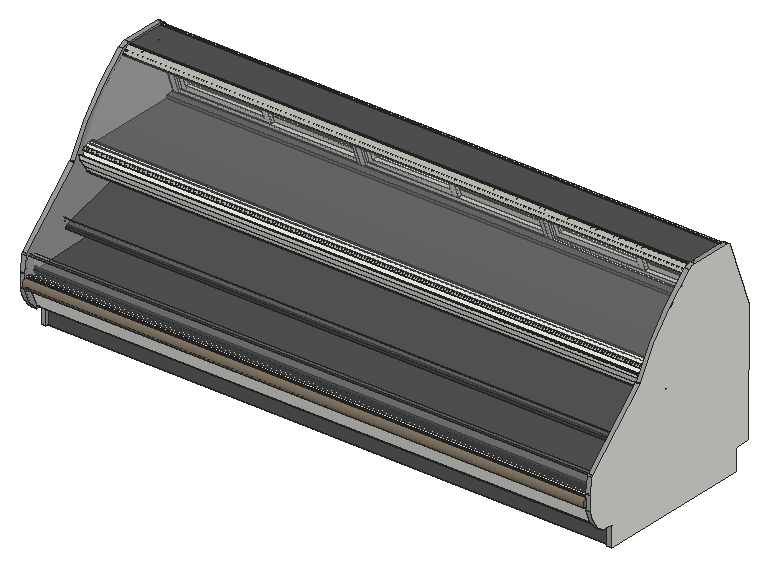
Revit family "CR3-D_2014", category Specialty Equipment, Revit 2014
Parameters (values of type "12'-0" Length")
  Width = 144"
  Waste Drain = 1 1/2"  # constant formula
  Upper Drain = if(Width = 48", 32", if(Width = 60", 44", if(Width = 72", 44", if(Width = 96", 56", if(Width = 120", 56", if(Width = 144", 77", 0"))))))  # 77"
  URL = "www.hussmann.com"
  Type Comments = "Chino"  # constant formula
  Trim = Stainless Steel
  Total Weight = Case Weight + (2 * End Weight)  # 0.00 lbf
  Splashguard = Textured Sheet Metal (Steel Painted) - 701 Black
  Side Panel - Right [instance] = yes
  Side Panel - Left [instance] = yes
  Shelves = Sheet Metal (Steel Painted) - 701 Black
  Revit Family Date = "04/22/2016"  # constant formula
  Refrigeration Lines Suction = 5/8"  # constant formula
  Refrigeration Lines Liquid = 3/8"  # constant formula
  Refrig. Suction = "Suction"
  Refrig. Liquid = "Liquid"
  Number of Supports = if(Width < 70", 2, if(Width < 140", 3, 4))  # 4
  Note from Manufacturer = "This model only comes in 4'-0\", 5'-0\", 6'-0\", 8'-0\", 10'-0\" and 12'-0\" lengths."
  Model URL = "http://www.hussmann.com/en/product%20viewer/display-cases/R3D,%20CR3D"
  Model = "CR3-D"  # constant formula
  Manufacturer Disclaimer = "The information in this file is not intended to be an exact representation of the corresponding Hussmann product.  Further, we reserve the right to change or revise specifications and product design in connection with any feature of our products. Such changes do not entitle the buyer to corresponding changes, improvements, additions, or replacements for equipment previously sold or shipped."  # constant formula
  Manufacturer = "Hussmann Corporation"  # constant formula
  Lower Drain = if(Width = 48", 7", if(Width = 60", 41", if(Width = 72", 41", if(Width = 96", 53", if(Width = 120", 53", if(Width = 144", 65", 0"))))))  # 65"
  Height = 53 1/4"  # constant formula
  Glazing = Glass
  Ends = Textured Sheet Metal (Steel Painted) - 149 White Satin Matte
  End Weight = 0.00 lbf  # constant formula
  Door Frame = Plastic - 144 Mist Gray
  Description = "Refrigerated Service and Self-Service Deli Merchandiser with Rear Storage - Curved Glass"  # constant formula
  Depth = 51 3/8"  # constant formula
  Cutsheet URL = "http://www.hussmann.com/en/Technical%20Documents/R3-D,%20CR3-D_ds_En.pdf"
  Case Weight = if(Width = 48", 0.00 lbf, if(Width = 60", 0.00 lbf, if(Width = 72", 0.00 lbf, if(Width = 96", 0.00 lbf, if(Width = 120", 0.00 lbf, if(Width = 144", 0.00 lbf, 0.00 lbf))))))  # 0.00 lbf
  Case Interior - Side Panel = Stainless Steel
  Case Interior - Back Panel = Stainless Steel
  Case = Textured Sheet Metal (Steel Painted) - 149 White Satin Matte
  Bumper = Extruded PVC - 747 Chocolate Brown
  Assembly Code = ""
  Accessories/Options = ""
  8 Case = Width = 96"  # no
  6 Case = Width = 72"  # no
  5 Case = Width = 60"  # no
  4 Case = Width = 48"  # no
  12 Case = Width = 144"  # yes
  10 Case = Width = 120"  # no
Reference planes (in)
  plane 1 "Back": y = 0
  plane 2 "Bottom": z = 0
  plane 3 "Top": z = 53.25
  plane 4 "Left": x = -77.30699
  plane 5 "Front": y = -51.375
  plane 6 "Center (Left/Right)": x = -5.30699
  plane 7: x = -78.43199
  plane 8 "Right": x = 66.69301
  plane 9: x = 67.81801
Forms (in)
  Extrusion 1, solid, material "Metal - Copper"
    sketch origin (63.0625, 1.04319, 0) x (1, 0, 0) y (0, 1, 0)
      loop
        arc (-76.49449, -39.16819) -> (-77.02482, -39.38786) -> (-77.24449, -39.91819) r 0.75
        arc (-77.24449, -39.91819) -> (-77.02482, -40.44852) -> (-76.49449, -40.66819) r 0.75
        arc (-76.49449, -40.66819) -> (-75.96416, -40.44852) -> (-75.74449, -39.91819) r 0.75
        arc (-75.74449, -39.91819) -> (-75.96416, -39.38786) -> (-76.49449, -39.16819) r 0.75
      loop
        circle (-76.49449, -39.91819) r 0.7102
    from 5.98508 to 0
  Extrusion 2, solid, material "Metal - Copper"
    sketch origin (57.40105, 5, -0.375) x (1, 0, 0) y (0, 1, 0)
      loop
        circle (2.97946, -42.125) r 0.28859
      loop
        circle (2.97946, -42.125) r 0.3125
    from 6.36008 to 0.375
  Extrusion 3, solid, material "Metal - Copper"
    sketch origin (59.82608, 5, -0.375) x (1, 0, 0) y (0, 1, 0)
      loop
        circle (1.05443, -42.125) r 0.17188
      loop
        circle (1.05443, -42.125) r 0.1875
    from 6.36008 to 0.375
  Extrusion 4, solid, material "Textured Sheet Metal (Steel Painted) - 149 White Satin Matte" <- "Case"
    sketch origin (-5.30699, 0, 0) x (0, 1, 0) y (0, 0, 1)
      loop
        line (-33.36568, 34.61012) -> (-33.04856, 33.47902) -> (-31.7032, 31.45909) -> (-31.64948, 31.49094) -> (-30.7947, 30.01115) -> (-30.8313, 29.99002) -> (-30.69968, 29.76205)
        arc (-30.69968, 29.76205) -> (-30.66021, 29.73177) -> (-30.61089, 29.73826) r 0.065
        line (-30.61089, 29.73826) -> (-29.77517, 30.22076)
        arc (-29.77517, 30.22076) -> (-29.74489, 30.26023) -> (-29.75138, 30.30955) r 0.065
        line (-29.75138, 30.30955) -> (-29.85311, 30.48575)
        arc (-29.85311, 30.48575) -> (-29.85611, 30.50851) -> (-29.84213, 30.52673) r 0.03
        line (-29.84213, 30.52673) -> (-29.62575, 30.65165) -> (-28.74969, 30.65165) -> (-27.92081, 30.17255) -> (-25.08971, 27.77832)
        arc (-25.08971, 27.77832) -> (-25.07009, 27.76692) -> (-25.04774, 27.76295) r 0.065
        line (-25.04774, 27.76295) -> (-22.46115, 27.76295) -> (-21.49557, 26.79737) -> (-21.49557, 24.19301) -> (-21.62938, 23.48803)
        arc (-21.62938, 23.48803) -> (-21.57491, 23.41154) -> (-21.50086, 23.46931) r 0.065
        line (-21.50086, 23.46931) -> (-21.46057, 23.8667) -> (-21.46057, 24.58807) -> (-21.33057, 24.58807) -> (-21.33057, 28.20482) -> (-18.84907, 28.20482) -> (-18.84907, 11.22133) -> (-19.81272, 11.22133) -> (-19.81272, 10.98732) -> (-18.87522, 10.98732) -> (-18.87522, 8.47125) -> (-19.73888, 7.60758) -> (-46.47046, 7.60758) -> (-46.47046, 12.7762) -> (-45.42822, 12.7762) -> (-45.42822, 12.67958) -> (-45.49855, 12.4171) -> (-45.43818, 12.40092) -> (-45.36572, 12.67135) -> (-45.36572, 12.89308) -> (-45.30761, 12.89308) -> (-45.30761, 13.23808)
        arc (-45.30761, 13.23808) -> (-45.33455, 13.30313) -> (-45.39961, 13.33008) r 0.092
        line (-45.39961, 13.33008) -> (-45.74461, 13.33008) -> (-45.74461, 13.92649)
        arc (-45.74461, 13.92649) -> (-45.77155, 13.99154) -> (-45.83661, 14.01849) r 0.092
        line (-45.83661, 14.01849) -> (-46.77861, 14.01849)
        arc (-46.77861, 14.01849) -> (-46.84366, 13.99154) -> (-46.87061, 13.92649) r 0.092
        line (-46.87061, 13.92649) -> (-46.87061, 13.33008) -> (-47.30761, 13.33008) -> (-47.30761, 13.26808) -> (-48.6086, 13.26808) -> (-48.92961, 13.58908) -> (-48.92961, 13.96008) -> (-48.99211, 13.96008) -> (-48.99211, 13.11258) -> (-49.47954, 13.11258) -> (-49.47954, 14.20466)
        arc (-49.47954, 14.20466) -> (-49.50663, 14.27007) -> (-49.57204, 14.29716) r 0.0925
        line (-49.57204, 14.29716) -> (-50.2838, 14.29716)
        arc (-50.2838, 14.29716) -> (-50.34921, 14.27007) -> (-50.3763, 14.20466) r 0.0925
        line (-50.3763, 14.20466) -> (-50.3763, 11.58133)
        arc (-50.3763, 11.58133) -> (-50.34921, 11.51592) -> (-50.2838, 11.48883) r 0.0925
        line (-50.2838, 11.48883) -> (-49.32381, 11.48883) -> (-46.66679, 5.77636)
        arc (-46.66679, 5.77636) -> (-46.60508, 5.73883) -> (-46.54679, 5.78148) r 0.065
        line (-46.54679, 5.78148) -> (-46.47246, 5.98508) -> (-3.85387, 5.98508) -> (-3.85387, 5.91108) -> (-3.07295, 5.91108)
        arc (-3.07295, 5.91108) -> (-3.03315, 5.91899) -> (-2.99941, 5.94154) r 0.104
        line (-2.99941, 5.94154) -> (-2.31033, 6.63062)
        arc (-2.31033, 6.63062) -> (-2.28779, 6.66436) -> (-2.27987, 6.70416) r 0.104
        line (-2.27987, 6.70416) -> (-2.27987, 7.41108) -> (-0.92787, 7.41108) -> (-0.92787, 6.49062) -> (-1.0286, 5.91937)
        arc (-1.0286, 5.91937) -> (-1.01438, 5.8663) -> (-0.96459, 5.84308) r 0.065
        line (-0.96459, 5.84308) -> (-0.33657, 5.84308)
        arc (-0.33657, 5.84308) -> (-0.29061, 5.86212) -> (-0.27157, 5.90808) r 0.065
        line (-0.27157, 5.90808) -> (-0.27157, 7.54708) -> (-18.65057, 7.54708) -> (-18.65057, 28.41908) -> (-0.20665, 28.41908) -> (-0.20665, 35.15451) -> (-0.27598, 35.41322) -> (-0.062, 35.41322) -> (-0.062, 35.28806) -> (-0.08379, 35.03772) -> (-0.02202, 35.03232) -> (0, 35.28405) -> (0, 35.91542)
        arc (0, 35.91542) -> (-0.0014, 35.9314) -> (-0.00555, 35.94689) r 0.092
        line (-0.00555, 35.94689) -> (-0.11802, 36.2559)
        arc (-0.11802, 36.2559) -> (-0.16559, 36.30782) -> (-0.23594, 36.31089) r 0.092
        line (-0.23594, 36.31089) -> (-2.27433, 35.56897) -> (-4.51597, 35.56897)
        arc (-4.51597, 35.56897) -> (-4.57511, 35.54745) -> (-4.60657, 35.49295) r 0.092
        line (-4.60657, 35.49295) -> (-4.70058, 34.95983) -> (-4.63952, 34.94906) -> (-4.54551, 35.48218)
        arc (-4.54551, 35.48218) -> (-4.53525, 35.49995) -> (-4.51597, 35.50697) r 0.03
        line (-4.51597, 35.50697) -> (-2.98133, 35.50697) -> (-2.94721, 35.41322) -> (-3.2434, 35.41322)
        arc (-3.2434, 35.41322) -> (-3.31694, 35.38276) -> (-3.3474, 35.30922) r 0.104
        line (-3.3474, 35.30922) -> (-3.3474, 34.77931) -> (-26.31188, 34.77931)
        arc (-26.31188, 34.77931) -> (-26.33441, 34.85188) -> (-26.40369, 34.88308) r 0.0925
        line (-26.40369, 34.88308) -> (-29.81917, 34.88308) -> (-29.81917, 35.15653) -> (-29.81917, 36.32406)
        arc (-29.81917, 36.32406) -> (-29.8382, 36.37002) -> (-29.88417, 36.38906) r 0.065
        line (-29.88417, 36.38906) -> (-30.59463, 36.38906)
        arc (-30.59463, 36.38906) -> (-30.62338, 36.38236) -> (-30.6462, 36.36363) r 0.065
        line (-30.6462, 36.36363) -> (-31.5477, 35.18877) -> (-31.50775, 35.15812) -> (-32.26162, 34.17566)
        arc (-32.26162, 34.17566) -> (-32.27842, 34.16475) -> (-32.29834, 34.16684) r 0.03
        line (-32.29834, 34.16684) -> (-33.08729, 34.5431) -> (-33.06355, 34.60387) -> (-33.27944, 34.68821)
        arc (-33.27944, 34.68821) -> (-33.34673, 34.67585) -> (-33.36568, 34.61012) r 0.065
      loop
        line (-7.7013, 52.90428) -> (-17.15757, 52.90428) -> (-17.15757, 50.81867) -> (-15.27268, 50.81867)
        arc (-15.27268, 50.81867) -> (-15.31864, 50.79963) -> (-15.33768, 50.75367) r 0.065
        line (-15.33768, 50.75367) -> (-15.33768, 49.56367)
        arc (-15.33768, 49.56367) -> (-15.31864, 49.51771) -> (-15.27268, 49.49867) r 0.065
        line (-15.27268, 49.49867) -> (-14.92768, 49.49867) -> (-14.92768, 49.53609)
        arc (-14.92768, 49.53609) -> (-14.89911, 49.53742) -> (-14.88107, 49.55961) r 0.035
        line (-14.88107, 49.55961) -> (-14.67768, 50.31867) -> (-13.55268, 50.31867) -> (-13.34925, 49.55947)
        arc (-13.34925, 49.55947) -> (-13.33673, 49.54086) -> (-13.31548, 49.53367) r 0.035
        line (-13.31548, 49.53367) -> (-12.94048, 49.53367) -> (-12.94048, 49.57098)
        arc (-12.94048, 49.57098) -> (-12.90599, 49.59425) -> (-12.89268, 49.63367) r 0.065
        line (-12.89268, 49.63367) -> (-12.89268, 50.75367)
        arc (-12.89268, 50.75367) -> (-12.91172, 50.79963) -> (-12.95768, 50.81867) r 0.065
        line (-12.95768, 50.81867) -> (-8.18319, 50.81867) -> (-8.3657, 50.31723)
        arc (-8.3657, 50.31723) -> (-8.3631, 50.25759) -> (-8.31908, 50.21726) r 0.078
        line (-8.31908, 50.21726) -> (-7.21684, 49.81607)
        arc (-7.21684, 49.81607) -> (-7.19016, 49.81137) -> (-7.16349, 49.81607) r 0.078
        line (-7.16349, 49.81607) -> (-5.87825, 50.28386)
        arc (-5.87825, 50.28386) -> (-5.83424, 50.32419) -> (-5.83163, 50.38383) r 0.078
        arc (-5.83163, 50.38383) -> (-5.78406, 50.33192) -> (-5.71372, 50.32885) r 0.092
        line (-5.71372, 50.32885) -> (-5.41208, 50.43863)
        arc (-5.41208, 50.43863) -> (-5.36016, 50.4862) -> (-5.35709, 50.55655) r 0.092
        line (-5.35709, 50.55655) -> (-6.30348, 53.15672)
        arc (-6.30348, 53.15672) -> (-6.41404, 53.30081) -> (-6.58726, 53.35543) r 0.302
        line (-6.58726, 53.35543) -> (-7.1713, 53.35543)
        arc (-7.1713, 53.35543) -> (-7.23635, 53.32848) -> (-7.2633, 53.26343) r 0.092
        line (-7.2633, 53.26343) -> (-7.2633, 52.98303) -> (-7.6233, 52.98303)
        arc (-7.6233, 52.98303) -> (-7.67872, 52.95992) -> (-7.7013, 52.90428) r 0.078
    from 72 to -72
  Extrusion 5, solid, material "Sheet Metal (Steel Painted) - 701 Black" <- "Shelves"
    sketch origin (-5.30699, 0, 0) x (0, 1, 0) y (0, 0, 1)
      loop
        line (-47.61712, 14.45678) -> (-47.60219, 13.99202) -> (-20.77257, 14.85426) -> (-20.77257, 24.58807) -> (-21.46057, 24.58807) -> (-21.46057, 15.3324) -> (-47.61825, 14.49176)
        arc (-47.61825, 14.49176) -> (-47.63973, 14.49986) -> (-47.6492, 14.52078) r 0.03
        line (-47.6492, 14.52078) -> (-47.68035, 15.49028)
        arc (-47.68035, 15.49028) -> (-47.75306, 15.55273) -> (-47.80894, 15.47486) r 0.065
        line (-47.80894, 15.47486) -> (-47.73857, 15.13915) -> (-47.70432, 15.14633) -> (-47.68418, 14.51966)
        arc (-47.68418, 14.51966) -> (-47.66367, 14.47433) -> (-47.61712, 14.45678) r 0.065
    from 72 to -72
  Extrusion 6, solid, material "Sheet Metal (Steel Painted) - 701 Black" <- "Shelves"
    sketch origin (-5.30699, 0, 0) x (0, 1, 0) y (0, 0, 1)
      loop
        arc (-37.37591, 20.55304) -> (-37.41386, 20.52392) -> (-37.4201, 20.4765) r 0.0625
        line (-37.4201, 20.4765) -> (-37.20032, 19.65628) -> (-37.45375, 19.58853) -> (-37.62233, 20.31883) -> (-37.68275, 20.30488) -> (-37.51403, 19.5741)
        arc (-37.51403, 19.5741) -> (-37.48555, 19.53491) -> (-37.43757, 19.52816) r 0.062
        line (-37.43757, 19.52816) -> (-36.59239, 19.75463) -> (-36.60996, 19.82019)
        arc (-36.60996, 19.82019) -> (-36.5977, 19.83875) -> (-36.59726, 19.86099) r 0.04
        line (-36.59726, 19.86099) -> (-36.77098, 20.52878) -> (-35.92628, 20.75209) -> (-35.88731, 20.60665) -> (-35.804, 20.62897)
        arc (-35.804, 20.62897) -> (-35.77744, 20.62547) -> (-35.76113, 20.60422) r 0.035
        line (-35.76113, 20.60422) -> (-35.68092, 20.30489)
        arc (-35.68092, 20.30489) -> (-35.66826, 20.27965) -> (-35.64666, 20.26146) r 0.07
        line (-35.64666, 20.26146) -> (-35.12588, 19.97927)
        arc (-35.12588, 19.97927) -> (-35.04917, 19.98586) -> (-35.02491, 20.05893) r 0.07
        line (-35.02491, 20.05893) -> (-35.07702, 20.25341) -> (-21.79848, 23.74887)
        arc (-21.79848, 23.74887) -> (-21.76053, 23.77799) -> (-21.75428, 23.82542) r 0.0625
        line (-21.75428, 23.82542) -> (-21.9484, 24.54987)
        arc (-21.9484, 24.54987) -> (-21.97752, 24.58782) -> (-22.02494, 24.59406) r 0.0625
        line (-22.02494, 24.59406) -> (-37.37591, 20.55304)
    from 72 to -72
  Extrusion 7, solid, material "Glass" <- "Glazing"
    sketch origin (-5.30699, 0, 0) x (0, 1, 0) y (0, 0, 1)
      loop
        line (-38.15322, 22.24812) -> (-37.44146, 19.59182) -> (-37.19994, 19.65639) -> (-37.91173, 22.31283)
        arc (-37.91173, 22.31283) -> (-38.06483, 22.40122) -> (-38.15322, 22.24812) r 0.125
    from 72 to -72
  Extrusion 8, solid, material "Glass" <- "Glazing"
    sketch origin (-5.30699, 0, 0) x (0, 1, 0) y (0, 0, 1)
      loop
        line (-49.47954, 18.6907) -> (-49.47954, 13.11258) -> (-48.99211, 13.11258) -> (-48.99211, 18.61243)
        arc (-48.99211, 18.61243) -> (-49.20247, 18.85926) -> (-49.47954, 18.6907) r 0.25
    from 72 to -72
  Extrusion 9, solid, material "Extruded PVC - 747 Chocolate Brown" <- "Bumper"
    sketch origin (-5.30699, 0, 0) x (0, 1, 0) y (0, 0, 1)
      loop
        arc (-50.3763, 13.97878) -> (-51.3763, 12.72878) -> (-50.3763, 11.47878) r 1.28125
        line (-50.3763, 11.47878) -> (-50.3763, 13.97878)
    from 72 to -72
  Extrusion 10, solid, material "Sheet Metal (Steel Painted) - 701 Black" <- "Shelves"
    sketch origin (-5.30699, 0, 0) x (0, 1, 0) y (0, 0, 1)
      loop
        line (-7.38303, 53.29798) -> (-17.05429, 53.29798) -> (-17.09366, 53.25861) -> (-17.09366, 53.02831) -> (-16.98879, 52.90767) -> (-16.79783, 52.90767) -> (-16.73329, 52.98302) -> (-7.38303, 52.98302) -> (-7.34366, 53.02239) -> (-7.34366, 53.25861) -> (-7.38303, 53.29798)
    from 72 to -72
  Extrusion 11, solid, material "Plastic - 144 Mist Gray" <- "Door Frame"
    sketch origin (-5.30699, 0, 0) x (0, 1, 0) y (0, 0, 1)
      loop
        arc (-17.49697, 53.1507) -> (-18.54539, 52.68834) -> (-19.29571, 51.82233) r 2.61653
        arc (-19.29571, 51.82233) -> (-19.29445, 51.78042) -> (-19.25613, 51.76342) r 0.03937
        line (-19.25613, 51.76342) -> (-18.51624, 52.31424)
        arc (-18.51624, 52.31424) -> (-18.45713, 52.32888) -> (-18.40525, 52.29699) r 0.07874
        line (-18.40525, 52.29699) -> (-18.34364, 52.21115) -> (-18.47144, 52.20306) -> (-18.52318, 52.0834) -> (-18.46607, 52.00655)
        arc (-18.46607, 52.00655) -> (-18.45877, 51.97699) -> (-18.47474, 51.95106) r 0.03937
        line (-18.47474, 51.95106) -> (-19.08152, 51.51636)
        arc (-19.08152, 51.51636) -> (-19.10548, 51.47747) -> (-19.09453, 51.43313) r 0.05906
        line (-19.09453, 51.43313) -> (-19.0247, 51.33916)
        arc (-19.0247, 51.33916) -> (-19.01177, 51.33143) -> (-18.99716, 51.33511) r 0.01968
        line (-18.99716, 51.33511) -> (-18.85771, 51.43873) -> (-18.46135, 50.90539)
        arc (-18.46135, 50.90539) -> (-18.36955, 50.82255) -> (-18.25293, 50.78144) r 0.31496
        line (-18.25293, 50.78144) -> (-17.55726, 50.68243)
        arc (-17.55726, 50.68243) -> (-16.71595, 50.65724) -> (-15.88988, 50.81867) r 3.78388
        line (-15.88988, 50.81867) -> (-17.15757, 50.81867) -> (-17.15757, 52.90428) -> (-16.98584, 52.90428) -> (-17.05429, 52.98302) -> (-17.15757, 52.98302) -> (-17.15757, 53.25468)
        arc (-17.15757, 53.25468) -> (-17.16334, 53.2686) -> (-17.17726, 53.27436) r 0.01969
        line (-17.17726, 53.27436) -> (-17.25732, 53.27436)
        arc (-17.25732, 53.27436) -> (-17.42938, 53.04596) -> (-17.51513, 52.77317) r 0.84252
        line (-17.51513, 52.77317) -> (-17.59951, 52.73458)
        arc (-17.59951, 52.73458) -> (-17.55933, 52.93486) -> (-17.47617, 53.12143) r 0.9252
        arc (-17.47617, 53.12143) -> (-17.47711, 53.14278) -> (-17.49697, 53.1507) r 0.01969
      loop
        line (-31.87752, 36.07762) -> (-32.16562, 35.41886)
        arc (-32.16562, 35.41886) -> (-32.16655, 35.37142) -> (-32.13366, 35.33722) r 0.062
        line (-32.13366, 35.33722) -> (-31.90583, 35.23932)
        arc (-31.90583, 35.23932) -> (-31.85882, 35.23852) -> (-31.82477, 35.27094) r 0.062
        line (-31.82477, 35.27094) -> (-31.81081, 35.30212)
        arc (-31.81081, 35.30212) -> (-31.77657, 35.33462) -> (-31.72938, 35.33359) r 0.062
        line (-31.72938, 35.33359) -> (-31.66062, 35.30352)
        arc (-31.66062, 35.30352) -> (-31.60412, 35.35531) -> (-31.62151, 35.42996) r 0.07595
        line (-31.62151, 35.42996) -> (-31.59869, 35.48241) -> (-31.44325, 35.32489) -> (-31.31043, 35.49799) -> (-31.47165, 35.76115)
        arc (-31.47165, 35.76115) -> (-31.40993, 35.80155) -> (-31.41091, 35.87531) r 0.07661
        line (-31.41091, 35.87531) -> (-31.56422, 35.94129)
        arc (-31.56422, 35.94129) -> (-31.58311, 35.9432) -> (-31.59957, 35.93374) r 0.031
        arc (-31.59957, 35.93374) -> (-31.7414, 35.61455) -> (-31.88043, 35.29414) r 40
        line (-31.88043, 35.29414) -> (-32.10949, 35.39432)
        arc (-32.10949, 35.39432) -> (-31.96634, 35.72409) -> (-31.82025, 36.05257) r 40.25
        line (-31.82025, 36.05257) -> (-31.87752, 36.07762)
    from 72 to -72
  Extrusion 12, solid, material "Textured Sheet Metal (Steel Painted) - 701 Black" <- "Splashguard"
    sketch origin (-5.30699, 0, 0) x (0, 1, 0) y (0, 0, 1)
      loop
        arc (-43.33825, 5.48508) -> (-43.363, 5.47483) -> (-43.37325, 5.45008) r 0.035
        line (-43.37325, 5.45008) -> (-43.37325, 0.02008)
        arc (-43.37325, 0.02008) -> (-43.363, -0.00467) -> (-43.33825, -0.01492) r 0.035
        line (-43.33825, -0.01492) -> (-42.83825, -0.01492)
        arc (-42.83825, -0.01492) -> (-42.8135, -0.00467) -> (-42.80325, 0.02008) r 0.035
        line (-42.80325, 0.02008) -> (-42.80325, 0.39508) -> (-42.88512, 0.39508) -> (-42.88512, 5.07508) -> (-42.80325, 5.07508) -> (-42.80325, 5.45008)
        arc (-42.80325, 5.45008) -> (-42.8135, 5.47483) -> (-42.83825, 5.48508) r 0.035
        line (-42.83825, 5.48508) -> (-43.33825, 5.48508)
      loop
        line (-4.19387, 5.48508) -> (-4.19387, 0.45495) -> (-3.8561, 0.05241) -> (-3.47425, -0.01492) -> (-3.46817, 0.01955) -> (-3.83748, 0.08467) -> (-4.15887, 0.46769) -> (-4.15887, 5.48508) -> (-4.19387, 5.48508)
    from 72 to -72
  Extrusion 13, solid, material "Sheet Metal (Steel Painted) - 701 Black" <- "Shelves"
    sketch origin (-5.30699, 0, 0) x (0, 1, 0) y (0, 0, 1)
      loop
        line (-29.74078, 34.97147) -> (-29.74078, 34.93647) -> (-5.49078, 34.93647) -> (-5.49078, 35.53397)
        arc (-5.49078, 35.53397) -> (-5.46603, 35.54422) -> (-5.45578, 35.56897) r 0.035
        line (-5.45578, 35.56897) -> (-5.45578, 36.31897) -> (-3.33078, 36.31897) -> (-3.07054, 35.60397) -> (-3.57054, 35.60397) -> (-3.57054, 35.56897) -> (-3.07054, 35.56897)
        arc (-3.07054, 35.56897) -> (-3.04185, 35.58394) -> (-3.03769, 35.61603) r 0.035
        line (-3.03769, 35.61603) -> (-3.29789, 36.33094)
        arc (-3.29789, 36.33094) -> (-3.31071, 36.34764) -> (-3.33078, 36.35397) r 0.035
        line (-3.33078, 36.35397) -> (-5.45578, 36.35397)
        arc (-5.45578, 36.35397) -> (-5.48053, 36.34372) -> (-5.49078, 36.31897) r 0.035
        line (-5.49078, 36.31897) -> (-5.49078, 35.56897) -> (-29.30328, 35.56897) -> (-29.30328, 35.91762) -> (-29.26845, 35.91457) -> (-29.23379, 36.31071)
        arc (-29.23379, 36.31071) -> (-29.28354, 36.37007) -> (-29.33828, 36.31528) r 0.0525
        line (-29.33828, 36.31528) -> (-29.33828, 35.56897)
        arc (-29.33828, 35.56897) -> (-29.32803, 35.54422) -> (-29.30328, 35.53397) r 0.035
        line (-29.30328, 35.53397) -> (-29.74078, 34.97147)
    from 72 to -72
  Extrusion 14, solid, material "Glass" <- "Glazing"
    sketch origin (-5.30699, 0, 0) x (0, 1, 0) y (0, 0, 1)
      loop
        line (-18.51005, 51.97852) -> (-18.65626, 52.18131)
        arc (-18.65626, 52.18131) -> (-26.52546, 44.70291) -> (-32.10984, 35.39349) r 40.25
        line (-32.10984, 35.39349) -> (-31.88007, 35.29497)
        arc (-31.88007, 35.29497) -> (-26.33037, 44.54657) -> (-18.51005, 51.97852) r 40
    from 72 to -72
  Extrusion 15, solid, material "Metal - Copper"
    sketch origin (-56.6875, 24.04319, 0) x (1, 0, 0) y (0, 1, 0)
      loop
        arc (56.38051, -40.66819) -> (55.85018, -40.88786) -> (55.63051, -41.41819) r 0.75
        arc (55.63051, -41.41819) -> (55.85018, -41.94852) -> (56.38051, -42.16819) r 0.75
        arc (56.38051, -42.16819) -> (56.91084, -41.94852) -> (57.13051, -41.41819) r 0.75
        arc (57.13051, -41.41819) -> (56.91084, -40.88786) -> (56.38051, -40.66819) r 0.75
      loop
        circle (56.38051, -41.41819) r 0.7102
    from 5.98508 to 0
  Extrusion 16, solid, material "Glass" <- "Glazing"
    sketch origin (-5.30699, 0, 0) x (0, 1, 0) y (0, 0, 1)
      loop
        line (-47.77768, 18.51872) -> (-47.6492, 14.52078) -> (-47.39933, 14.52881) -> (-47.52781, 18.52675) -> (-47.77768, 18.51872)
    from 72 to -72
  Extrusion 17, solid, material "Stainless Steel" <- "Case Interior - Back Panel", visible <- "12 Case"
    sketch origin (-77.30699, 0, 0) x (0, 1, 0) y (0, 0, 1)
      loop
        line (-3.0039, 35.56897) -> (-2.27433, 35.56897) -> (-0.17956, 36.33141) -> (-5.4525, 50.81867) -> (-8.55461, 50.81867) -> (-3.0039, 35.56897)
    from 144 to 143.5
  Extrusion 18, solid, material "Stainless Steel" <- "Case Interior - Back Panel", visible <- "12 Case"
    sketch origin (-77.30699, 0, 0) x (0, 1, 0) y (0, 0, 1)
      loop
        line (-3.0039, 35.56897) -> (-2.27433, 35.56897) -> (-0.17956, 36.33141) -> (-5.4525, 50.81867) -> (-8.55461, 50.81867) -> (-3.0039, 35.56897)
    from 96.5 to 95.5
  Extrusion 19, solid, material "Stainless Steel" <- "Case Interior - Back Panel", visible <- "12 Case"
    sketch origin (-77.30699, 0, 0) x (0, 1, 0) y (0, 0, 1)
      loop
        line (-3.0039, 35.56897) -> (-2.27433, 35.56897) -> (-0.17956, 36.33141) -> (-5.4525, 50.81867) -> (-8.55461, 50.81867) -> (-3.0039, 35.56897)
    from 48.5 to 47.5
  Extrusion 20, solid, material "Stainless Steel" <- "Case Interior - Back Panel", visible <- "12 Case"
    sketch origin (-77.30699, 0, 0) x (0, 1, 0) y (0, 0, 1)
      loop
        line (-3.0039, 35.56897) -> (-2.27433, 35.56897) -> (-0.17956, 36.33141) -> (-5.4525, 50.81867) -> (-8.55461, 50.81867) -> (-3.0039, 35.56897)
    from 0.5 to 0
  Extrusion 21, solid, material "Stainless Steel" <- "Case Interior - Back Panel", visible <- "12 Case", not visible
    sketch origin (-77.30699, 0, 0) x (0, 1, 0) y (0, 0, 1)
      loop
        line (-3.0039, 35.56897) -> (-2.27433, 35.56897) -> (-0.17956, 36.33141) -> (-5.4525, 50.81867) -> (-8.55461, 50.81867) -> (-3.0039, 35.56897)
    from 144 to 143.5
  Extrusion 22, solid, material "Stainless Steel" <- "Case Interior - Back Panel", visible <- "12 Case", not visible
    sketch origin (-77.30699, 0, 0) x (0, 1, 0) y (0, 0, 1)
      loop
        line (-3.0039, 35.56897) -> (-2.27433, 35.56897) -> (-0.17956, 36.33141) -> (-5.4525, 50.81867) -> (-8.55461, 50.81867) -> (-3.0039, 35.56897)
    from 96.5 to 95.5
  Extrusion 23, solid, material "Stainless Steel" <- "Case Interior - Back Panel", visible <- "12 Case", not visible
    sketch origin (-77.30699, 0, 0) x (0, 1, 0) y (0, 0, 1)
      loop
        line (-3.0039, 35.56897) -> (-2.27433, 35.56897) -> (-0.17956, 36.33141) -> (-5.4525, 50.81867) -> (-8.55461, 50.81867) -> (-3.0039, 35.56897)
    from 48.5 to 47.5
  Extrusion 24, solid, material "Stainless Steel" <- "Case Interior - Back Panel", visible <- "12 Case", not visible
    sketch origin (-77.30699, 0, 0) x (0, 1, 0) y (0, 0, 1)
      loop
        line (-3.0039, 35.56897) -> (-2.27433, 35.56897) -> (-0.17956, 36.33141) -> (-5.4525, 50.81867) -> (-8.55461, 50.81867) -> (-3.0039, 35.56897)
    from 0.5 to 0
  Extrusion 25, solid, material "Stainless Steel" <- "Case Interior - Back Panel", visible <- "10 Case"
    sketch origin (-77.30699, 0, 0) x (0, 1, 0) y (0, 0, 1)
      loop
        line (-3.0039, 35.56897) -> (-2.27433, 35.56897) -> (-0.17956, 36.33141) -> (-5.4525, 50.81867) -> (-8.55461, 50.81867) -> (-3.0039, 35.56897)
    from 120 to 119.5
  Extrusion 26, solid, material "Stainless Steel" <- "Case Interior - Back Panel", visible <- "10 Case"
    sketch origin (-77.30699, 0, 0) x (0, 1, 0) y (0, 0, 1)
      loop
        line (-3.0039, 35.56897) -> (-2.27433, 35.56897) -> (-0.17956, 36.33141) -> (-5.4525, 50.81867) -> (-8.55461, 50.81867) -> (-3.0039, 35.56897)
    from 60.5 to 59.5
  Extrusion 27, solid, material "Stainless Steel" <- "Case Interior - Back Panel", visible <- "10 Case"
    sketch origin (-77.30699, 0, 0) x (0, 1, 0) y (0, 0, 1)
      loop
        line (-3.0039, 35.56897) -> (-2.27433, 35.56897) -> (-0.17956, 36.33141) -> (-5.4525, 50.81867) -> (-8.55461, 50.81867) -> (-3.0039, 35.56897)
    from 0.5 to 0
  Extrusion 28, solid, material "Stainless Steel" <- "Case Interior - Back Panel", visible <- "10 Case", not visible
    sketch origin (-170.99499, 0, 0) x (0, 1, 0) y (0, 0, 1)
      loop
        line (-3.0039, 35.56897) -> (-2.27433, 35.56897) -> (-0.17956, 36.33141) -> (-5.4525, 50.81867) -> (-8.55461, 50.81867) -> (-3.0039, 35.56897)
    from 120 to 119.5
  Extrusion 29, solid, material "Stainless Steel" <- "Case Interior - Back Panel", visible <- "10 Case", not visible
    sketch origin (-170.99499, 0, 0) x (0, 1, 0) y (0, 0, 1)
      loop
        line (-3.0039, 35.56897) -> (-2.27433, 35.56897) -> (-0.17956, 36.33141) -> (-5.4525, 50.81867) -> (-8.55461, 50.81867) -> (-3.0039, 35.56897)
    from 60.5 to 59.5
  Extrusion 30, solid, material "Stainless Steel" <- "Case Interior - Back Panel", visible <- "10 Case", not visible
    sketch origin (-170.99499, 0, 0) x (0, 1, 0) y (0, 0, 1)
      loop
        line (-3.0039, 35.56897) -> (-2.27433, 35.56897) -> (-0.17956, 36.33141) -> (-5.4525, 50.81867) -> (-8.55461, 50.81867) -> (-3.0039, 35.56897)
    from 0.5 to 0
  Extrusion 31, solid, material "Stainless Steel" <- "Case Interior - Back Panel", visible <- "8 Case"
    sketch origin (-77.30699, 0, 0) x (0, 1, 0) y (0, 0, 1)
      loop
        line (-3.0039, 35.56897) -> (-2.27433, 35.56897) -> (-0.17956, 36.33141) -> (-5.4525, 50.81867) -> (-8.55461, 50.81867) -> (-3.0039, 35.56897)
    from 96 to 95.5
  Extrusion 32, solid, material "Stainless Steel" <- "Case Interior - Back Panel", visible <- "8 Case"
    sketch origin (-77.30699, 0, 0) x (0, 1, 0) y (0, 0, 1)
      loop
        line (-3.0039, 35.56897) -> (-2.27433, 35.56897) -> (-0.17956, 36.33141) -> (-5.4525, 50.81867) -> (-8.55461, 50.81867) -> (-3.0039, 35.56897)
    from 48.5 to 47.5
  Extrusion 33, solid, material "Stainless Steel" <- "Case Interior - Back Panel", visible <- "8 Case"
    sketch origin (-77.30699, 0, 0) x (0, 1, 0) y (0, 0, 1)
      loop
        line (-3.0039, 35.56897) -> (-2.27433, 35.56897) -> (-0.17956, 36.33141) -> (-5.4525, 50.81867) -> (-8.55461, 50.81867) -> (-3.0039, 35.56897)
    from 0.5 to 0
  Extrusion 34, solid, material "Stainless Steel" <- "Case Interior - Back Panel", visible <- "8 Case", not visible
    sketch origin (-77.30699, 0, 0) x (0, 1, 0) y (0, 0, 1)
      loop
        line (-3.0039, 35.56897) -> (-2.27433, 35.56897) -> (-0.17956, 36.33141) -> (-5.4525, 50.81867) -> (-8.55461, 50.81867) -> (-3.0039, 35.56897)
    from 96 to 95.5
  Extrusion 35, solid, material "Stainless Steel" <- "Case Interior - Back Panel", visible <- "8 Case", not visible
    sketch origin (-77.30699, 0, 0) x (0, 1, 0) y (0, 0, 1)
      loop
        line (-3.0039, 35.56897) -> (-2.27433, 35.56897) -> (-0.17956, 36.33141) -> (-5.4525, 50.81867) -> (-8.55461, 50.81867) -> (-3.0039, 35.56897)
    from 48.5 to 47.5
  Extrusion 36, solid, material "Stainless Steel" <- "Case Interior - Back Panel", visible <- "8 Case", not visible
    sketch origin (-77.30699, 0, 0) x (0, 1, 0) y (0, 0, 1)
      loop
        line (-3.0039, 35.56897) -> (-2.27433, 35.56897) -> (-0.17956, 36.33141) -> (-5.4525, 50.81867) -> (-8.55461, 50.81867) -> (-3.0039, 35.56897)
    from 0.5 to 0
  Extrusion 37, solid, material "Stainless Steel" <- "Case Interior - Back Panel", visible <- "6 Case"
    sketch origin (-77.30699, 0, 0) x (0, 1, 0) y (0, 0, 1)
      loop
        line (-3.0039, 35.56897) -> (-2.27433, 35.56897) -> (-0.17956, 36.33141) -> (-5.4525, 50.81867) -> (-8.55461, 50.81867) -> (-3.0039, 35.56897)
    from 72 to 71.5
  Extrusion 38, solid, material "Stainless Steel" <- "Case Interior - Back Panel", visible <- "6 Case"
    sketch origin (-77.30699, 0, 0) x (0, 1, 0) y (0, 0, 1)
      loop
        line (-3.0039, 35.56897) -> (-2.27433, 35.56897) -> (-0.17956, 36.33141) -> (-5.4525, 50.81867) -> (-8.55461, 50.81867) -> (-3.0039, 35.56897)
    from 0.5 to 0
  Extrusion 39, solid, material "Stainless Steel" <- "Case Interior - Back Panel", visible <- "6 Case", not visible
    sketch origin (-72.99499, 10.38492, -11.25191) x (0, 1, 0) y (0, 0, 1)
      loop
        line (-3.0039, 35.56897) -> (-2.27433, 35.56897) -> (-0.17956, 36.33141) -> (-5.4525, 50.81867) -> (-8.55461, 50.81867) -> (-3.0039, 35.56897)
    from 72 to 71.5
  Extrusion 40, solid, material "Stainless Steel" <- "Case Interior - Back Panel", visible <- "6 Case", not visible
    sketch origin (-72.99499, 10.38492, -11.25191) x (0, 1, 0) y (0, 0, 1)
      loop
        line (-3.0039, 35.56897) -> (-2.27433, 35.56897) -> (-0.17956, 36.33141) -> (-5.4525, 50.81867) -> (-8.55461, 50.81867) -> (-3.0039, 35.56897)
    from 0.5 to 0
  Extrusion 41, solid, material "Stainless Steel" <- "Case Interior - Back Panel", visible <- "5 Case"
    sketch origin (-77.30699, 0, 0) x (0, 1, 0) y (0, 0, 1)
      loop
        line (-3.0039, 35.56897) -> (-2.27433, 35.56897) -> (-0.17956, 36.33141) -> (-5.4525, 50.81867) -> (-8.55461, 50.81867) -> (-3.0039, 35.56897)
    from 60 to 59.5
  Extrusion 42, solid, material "Stainless Steel" <- "Case Interior - Back Panel", visible <- "5 Case"
    sketch origin (-77.30699, 0, 0) x (0, 1, 0) y (0, 0, 1)
      loop
        line (-3.0039, 35.56897) -> (-2.27433, 35.56897) -> (-0.17956, 36.33141) -> (-5.4525, 50.81867) -> (-8.55461, 50.81867) -> (-3.0039, 35.56897)
    from 0.5 to 0
  Extrusion 43, solid, material "Stainless Steel" <- "Case Interior - Back Panel", visible <- "5 Case", not visible
    sketch origin (-170.99499, 0, 0) x (0, 1, 0) y (0, 0, 1)
      loop
        line (-3.0039, 35.56897) -> (-2.27433, 35.56897) -> (-0.17956, 36.33141) -> (-5.4525, 50.81867) -> (-8.55461, 50.81867) -> (-3.0039, 35.56897)
    from 60 to 59.5
  Extrusion 44, solid, material "Stainless Steel" <- "Case Interior - Back Panel", visible <- "5 Case", not visible
    sketch origin (-170.99499, 0, 0) x (0, 1, 0) y (0, 0, 1)
      loop
        line (-3.0039, 35.56897) -> (-2.27433, 35.56897) -> (-0.17956, 36.33141) -> (-5.4525, 50.81867) -> (-8.55461, 50.81867) -> (-3.0039, 35.56897)
    from 0.5 to 0
  Extrusion 45, solid, material "Stainless Steel" <- "Case Interior - Back Panel", visible <- "4 Case"
    sketch origin (-77.30699, 0, 0) x (0, 1, 0) y (0, 0, 1)
      loop
        line (-3.0039, 35.56897) -> (-2.27433, 35.56897) -> (-0.17956, 36.33141) -> (-5.4525, 50.81867) -> (-8.55461, 50.81867) -> (-3.0039, 35.56897)
    from 48 to 47.5
  Extrusion 46, solid, material "Stainless Steel" <- "Case Interior - Back Panel", visible <- "4 Case"
    sketch origin (-77.30699, 0, 0) x (0, 1, 0) y (0, 0, 1)
      loop
        line (-3.0039, 35.56897) -> (-2.27433, 35.56897) -> (-0.17956, 36.33141) -> (-5.4525, 50.81867) -> (-8.55461, 50.81867) -> (-3.0039, 35.56897)
    from 0.5 to 0
  Extrusion 47, solid, material "Stainless Steel" <- "Case Interior - Back Panel", visible <- "4 Case", not visible
    sketch origin (-77.30699, 0, 0) x (0, 1, 0) y (0, 0, 1)
      loop
        line (-3.0039, 35.56897) -> (-2.27433, 35.56897) -> (-0.17956, 36.33141) -> (-5.4525, 50.81867) -> (-8.55461, 50.81867) -> (-3.0039, 35.56897)
    from 48 to 47.5
  Extrusion 48, solid, material "Stainless Steel" <- "Case Interior - Back Panel", visible <- "4 Case", not visible
    sketch origin (-77.30699, 0, 0) x (0, 1, 0) y (0, 0, 1)
      loop
        line (-3.0039, 35.56897) -> (-2.27433, 35.56897) -> (-0.17956, 36.33141) -> (-5.4525, 50.81867) -> (-8.55461, 50.81867) -> (-3.0039, 35.56897)
    from 0.5 to 0
  Extrusion 49, solid, material "Textured Sheet Metal (Steel Painted) - 149 White Satin Matte" <- "Ends", visible <- "Side Panel - Right"
    sketch origin (66.69301, 0, 0) x (0, 0, 1) y (0, -1, 0)
      loop
        arc (52.87765, 18.90286) -> (44.14664, 27.74209) -> (33.70783, 34.47958) r 57
        arc (33.70783, 34.47958) -> (33.60283, 34.54428) -> (33.5108, 34.6264) r 0.7
        line (33.5108, 34.6264) -> (19.23827, 49.82481)
        arc (19.23827, 49.82481) -> (19.05327, 49.96546) -> (18.83241, 50.0378) r 0.7
        line (18.83241, 50.0378) -> (14.97649, 50.61944)
        arc (14.97649, 50.61944) -> (14.92443, 50.62531) -> (14.87208, 50.62727) r 0.7
        line (14.87208, 50.62727) -> (11.31634, 50.62727)
        arc (11.31634, 50.62727) -> (7.96462, 49.27292) -> (5.32131, 46.80692) r 9.91393
        line (5.32131, 46.80692) -> (5.32131, 44.33793)
        arc (5.32131, 44.33793) -> (5.17486, 43.98438) -> (4.82131, 43.83793) r 0.5
        line (4.82131, 43.83793) -> (0, 43.83793) -> (0, 4.00118) -> (5.0659, 4.00118)
        arc (5.0659, 4.00118) -> (5.41945, 3.85474) -> (5.5659, 3.50118) r 0.5
        line (5.5659, 3.50118) -> (5.5659, 0.5)
        arc (5.5659, 0.5) -> (5.71234, 0.14645) -> (6.0659, 0) r 0.5
        line (6.0659, 0) -> (36.6983, 0) -> (53.06605, 5.96807)
        arc (53.06605, 5.96807) -> (53.39978, 6.22438) -> (53.52626, 6.62572) r 0.7
        line (53.52626, 6.62572) -> (53.52626, 17.03981)
        arc (53.52626, 17.03981) -> (53.35947, 18.02617) -> (52.87765, 18.90286) r 3
    from 0 to 1.125
  Extrusion 50, solid, material "Textured Sheet Metal (Steel Painted) - 149 White Satin Matte" <- "Ends", visible <- "Side Panel - Left"
    sketch origin (-77.30699, 0, 0) x (0, 1, 0) y (0, 0, 1)
      loop
        line (-34.6264, 33.5108) -> (-49.82481, 19.23827)
        arc (-49.82481, 19.23827) -> (-49.96546, 19.05327) -> (-50.0378, 18.83241) r 0.7
        line (-50.0378, 18.83241) -> (-50.61944, 14.97649)
        arc (-50.61944, 14.97649) -> (-50.62531, 14.92443) -> (-50.62727, 14.87208) r 0.7
        line (-50.62727, 14.87208) -> (-50.62727, 11.31634)
        arc (-50.62727, 11.31634) -> (-49.27292, 7.96462) -> (-46.80692, 5.32131) r 9.91393
        line (-46.80692, 5.32131) -> (-44.33793, 5.32131)
        arc (-44.33793, 5.32131) -> (-43.98438, 5.17486) -> (-43.83793, 4.82131) r 0.5
        line (-43.83793, 4.82131) -> (-43.83793, 0) -> (-4.00118, 0) -> (-4.00118, 5.0659)
        arc (-4.00118, 5.0659) -> (-3.85474, 5.41945) -> (-3.50118, 5.5659) r 0.5
        line (-3.50118, 5.5659) -> (-0.5, 5.5659)
        arc (-0.5, 5.5659) -> (-0.14645, 5.71234) -> (0, 6.0659) r 0.5
        line (0, 6.0659) -> (0, 36.6983) -> (-5.96807, 53.06605)
        arc (-5.96807, 53.06605) -> (-6.22438, 53.39978) -> (-6.62572, 53.52626) r 0.7
        line (-6.62572, 53.52626) -> (-17.03981, 53.52626)
        arc (-17.03981, 53.52626) -> (-18.02617, 53.35947) -> (-18.90286, 52.87765) r 3
        arc (-18.90286, 52.87765) -> (-27.74209, 44.14664) -> (-34.47958, 33.70783) r 57
        arc (-34.47958, 33.70783) -> (-34.54428, 33.60283) -> (-34.6264, 33.5108) r 0.7
    from -1.125 to 0
Lines and regions (in)
  reference lines
    curve 1: line (-75.99499, -51.375, 0) -> (-75.99499, 0, 0)
    curve 2: line (-0.30699, -51.375, 0) -> (-0.30699, 0, 0)
    curve 3: line (-13.43199, -51.375, 0) -> (-13.43199, 0, 0)
    curve 4: line (65.38051, -51.375, 0) -> (65.38051, 0, 0)
    curve 5: line (60.69301, -51.375, 0) -> (60.69301, 0, 0)
    curve 6: line (-77.30699, -38.875, 0) -> (66.69301, -38.875, 0)
    curve 7: line (66.69301, -37.125, 0) -> (-77.30699, -37.125, 0)
    curve 8: line (-77.30699, -17.375, 0) -> (66.69301, -17.375, 0)
Dimensions and locks (in)
  equal spacing: plane 4 "Left", plane 6 "Center (Left/Right)", plane 8 "Right"
  locked: plane 7 to plane 4 "Left" at 1.125
  "Width": plane 4 "Left" to plane 8 "Right"
  plane 4 "Left" to curve 1 = 1.312"
  "Upper Drain": plane 4 "Left" to curve 2
  locked: curve 4 to plane 8 "Right" at 1.3125
  "Lower Drain": plane 7 to curve 3
  "Depth": plane 5 "Front" to plane 1 "Back"
  locked: curve 5 to plane 8 "Right" at 6
  "Height": plane 3 "Top" to level
  locked: plane 1 "Back" to curve 8 at 17.375
  locked: curve 7 to plane 5 "Front" at 14.25
  locked: plane 8 "Right" to plane 9 at 1.125
  locked: Extrusion 1 sketch curve to Extrusion 1 sketch curve at 0.0398
  locked: Extrusion 3 sketch curve to Extrusion 3 sketch curve at 0.01562
  locked: Extrusion 2 sketch curve to Extrusion 2 sketch curve at 0.02391
  locked: Extrusion 15 sketch curve to Extrusion 15 sketch curve at 0.0398
  locked: curve 6 to plane 5 "Front" at 12.5
  nested 1 to plane 1 "Back" = 5 7/8"
  equal spacing: group 1, group 15, group 16, group 2  (x3)
  "Waste Drain": diameter of Extrusion 1 sketch curve
  "Refrigeration Lines Liquid": diameter of Extrusion 3 sketch curve
  "Refrigeration Lines Suction": diameter of Extrusion 2 sketch curve
  "Waste Drain": diameter of Extrusion 15 sketch curve
  aligned and locked: plane 5 "Front" to curve 3
  aligned and locked: plane 5 "Front" to curve 4
  aligned and locked: plane 5 "Front" to curve 2
  aligned and locked: plane 5 "Front" to curve 1
  aligned and locked: plane 4 "Left" to curve 6
  aligned and locked: plane 4 "Left" to curve 7
  aligned and locked: plane 8 "Right" to curve 7
  aligned and locked: plane 8 "Right" to curve 6
  aligned and locked: Extrusion 2 to level
  aligned and locked: Extrusion 3 to level
  aligned and locked: curve 7 to Extrusion 3 sketch curve  (x4)
  aligned and locked: curve 7 to Extrusion 2 sketch curve  (x4)
  aligned and locked: curve 6 to Extrusion 1 sketch curve  (x3)
  aligned and locked: curve 3 to Extrusion 1 sketch curve
  aligned and locked: curve 5 to Extrusion 3 sketch curve
  aligned and locked: curve 5 to Extrusion 2 sketch curve
  aligned and locked: Extrusion 1 to level
  aligned and locked: Extrusion 3 to plane 2 "Bottom"
  aligned and locked: Extrusion 2 to plane 2 "Bottom"
  aligned and locked: Extrusion 2 to Extrusion 1
  aligned and locked: Extrusion 3 to Extrusion 1
  aligned and locked: Extrusion 4 to plane 4 "Left"
  aligned and locked: plane 8 "Right" to Extrusion 4
  aligned and locked: Extrusion 11 to plane 4 "Left"
  aligned and locked: plane 8 "Right" to Extrusion 11
  aligned and locked: Extrusion 6 to plane 4 "Left"
  aligned and locked: plane 8 "Right" to Extrusion 6
  aligned and locked: Extrusion 7 to plane 4 "Left"
  aligned and locked: plane 8 "Right" to Extrusion 7
  aligned and locked: Extrusion 8 to plane 4 "Left"
  aligned and locked: plane 8 "Right" to Extrusion 8
  aligned and locked: Extrusion 9 to plane 4 "Left"
  aligned and locked: plane 8 "Right" to Extrusion 9
  aligned and locked: Extrusion 12 to plane 4 "Left"
  aligned and locked: plane 8 "Right" to Extrusion 12
  aligned and locked: plane 8 "Right" to Extrusion 5
  aligned and locked: Extrusion 5 to plane 4 "Left"
  aligned and locked: Extrusion 13 to plane 4 "Left"
  aligned and locked: plane 8 "Right" to Extrusion 13
  aligned and locked: Extrusion 14 to plane 4 "Left"
  aligned and locked: plane 8 "Right" to Extrusion 14
  aligned and locked: Extrusion 10 to plane 4 "Left"
  aligned and locked: plane 8 "Right" to Extrusion 10
  aligned and locked: Extrusion 1 to Extrusion 4
  aligned and locked: curve 8 to Extrusion 15 sketch curve
  aligned and locked: Extrusion 15 to Extrusion 1
  aligned and locked: curve 1 to nested 1
  aligned and locked: curve 4 to nested 2
  aligned and locked: nested 2 to nested 1
  aligned and locked: plane 4 "Left" to nested 4
  aligned and locked: plane 4 "Left" to nested 5
  aligned and locked: plane 4 "Left" to nested 6
  aligned and locked: plane 4 "Left" to nested 8
  aligned and locked: plane 4 "Left" to nested 24
  aligned and locked: Extrusion 16 to plane 4 "Left"
  aligned and locked: plane 8 "Right" to Extrusion 16
  aligned and locked: plane 4 "Left" to nested 26
  aligned and locked: plane 9 to Extrusion 49
  aligned and locked: Extrusion 49 to plane 8 "Right"
  aligned and locked: plane 7 to Extrusion 50
  aligned and locked: plane 4 "Left" to Extrusion 50
Automatic sketch dimensions
  plane 3 "Top" to Extrusion 10 sketch curve = 0.22169"
  plane 1 "Back" to Extrusion 10 sketch curve = 17.09366"
  Extrusion 10 sketch curve to Extrusion 10 sketch curve = 0.03937"  (x3)
  plane 3 "Top" to Extrusion 10 sketch curve = 0.34233"
  Extrusion 10 sketch curve to Extrusion 10 sketch curve = 0.10487"
  Extrusion 10 sketch curve to Extrusion 10 sketch curve = 0.19096"
  plane 3 "Top" to Extrusion 10 sketch curve = 0.26698"
  Extrusion 10 sketch curve to Extrusion 10 sketch curve = 0.06454"
  Extrusion 10 sketch curve to plane 3 "Top" = 0.04798"
  plane 1 "Back" to Extrusion 10 sketch curve = 7.38303"
  Extrusion 10 sketch curve to Extrusion 10 sketch curve = 0"
  Extrusion 10 sketch curve to plane 3 "Top" = 0.00861"  (x2)
  Extrusion 11 sketch curve to Extrusion 11 sketch curve = 0"  (x4)
  plane 5 "Front" to Extrusion 11 sketch curve = 19.20938"
  Extrusion 11 sketch curve to Extrusion 11 sketch curve = 0.03196"
  Extrusion 11 sketch curve to Extrusion 11 sketch curve = 0.05613"
  Extrusion 11 sketch curve to Extrusion 11 sketch curve = 0.00067"
  Extrusion 11 sketch curve to Extrusion 11 sketch curve = 0.22783"
  Extrusion 11 sketch curve to Extrusion 11 sketch curve = 0.02448"
  Extrusion 11 sketch curve to Extrusion 11 sketch curve = 0.00093"
  Extrusion 11 sketch curve to Extrusion 11 sketch curve = 0.2881"
  Extrusion 11 sketch curve to Extrusion 11 sketch curve = 0.05566"
  Extrusion 11 sketch curve to Extrusion 11 sketch curve = 0.05727"
  Extrusion 11 sketch curve to Extrusion 11 sketch curve = 0.01396"
  Extrusion 11 sketch curve to Extrusion 11 sketch curve = 0.05659"
  Extrusion 11 sketch curve to Extrusion 11 sketch curve = 0.02484"
  Extrusion 11 sketch curve to Extrusion 11 sketch curve = 0.05271"
  Extrusion 11 sketch curve to Extrusion 11 sketch curve = 0.06875"
  Extrusion 11 sketch curve to Extrusion 11 sketch curve = 0.05516"
  Extrusion 11 sketch curve to Extrusion 11 sketch curve = 0.02282"
  Extrusion 11 sketch curve to Extrusion 11 sketch curve = 0.24361"
  Extrusion 11 sketch curve to Extrusion 11 sketch curve = 0.01242"
  Extrusion 11 sketch curve to Extrusion 11 sketch curve = 0.09908"
  Extrusion 11 sketch curve to Extrusion 11 sketch curve = 0.00591"
  Extrusion 11 sketch curve to Extrusion 11 sketch curve = 0.17825"
  Extrusion 11 sketch curve to Extrusion 11 sketch curve = 0.06665"
  Extrusion 11 sketch curve to Extrusion 11 sketch curve = 17/128"
  plane 3 "Top" to Extrusion 11 sketch curve = 1.44762"
  plane 1 "Back" to Extrusion 11 sketch curve = 19.26177"
  plane 3 "Top" to Extrusion 11 sketch curve = 1.48658"
  Extrusion 11 sketch curve to Extrusion 11 sketch curve = 0.00564"
  plane 3 "Top" to Extrusion 11 sketch curve = 1.81687"
  Extrusion 11 sketch curve to Extrusion 11 sketch curve = 0.1616"
  plane 3 "Top" to Extrusion 11 sketch curve = 1.73364"
  Extrusion 11 sketch curve to Extrusion 11 sketch curve = 0.01301"
  Extrusion 11 sketch curve to Extrusion 11 sketch curve = 0.0474"
  plane 3 "Top" to Extrusion 11 sketch curve = 1.91084"
  Extrusion 11 sketch curve to Extrusion 11 sketch curve = 0.06983"
  Extrusion 11 sketch curve to Extrusion 11 sketch curve = 0.0158"
  plane 3 "Top" to Extrusion 11 sketch curve = 1.91489"
  Extrusion 11 sketch curve to Extrusion 11 sketch curve = 0.01174"
  plane 3 "Top" to Extrusion 11 sketch curve = 1.81127"
  Extrusion 11 sketch curve to Extrusion 11 sketch curve = 0.13944"
  plane 3 "Top" to Extrusion 11 sketch curve = 1.1666"
  Extrusion 11 sketch curve to Extrusion 11 sketch curve = 0.33453"
  plane 3 "Top" to Extrusion 11 sketch curve = 0.93576"
  Extrusion 11 sketch curve to Extrusion 11 sketch curve = 0.00694"
  Extrusion 11 sketch curve to Extrusion 11 sketch curve = 0.02551"
  plane 3 "Top" to Extrusion 11 sketch curve = 1.29894"
  Extrusion 11 sketch curve to Extrusion 11 sketch curve = 0.02293"
  plane 3 "Top" to Extrusion 11 sketch curve = 1.04694"
  Extrusion 11 sketch curve to Extrusion 11 sketch curve = 0.0448"
  Extrusion 11 sketch curve to Extrusion 11 sketch curve = 0.00222"
  plane 3 "Top" to Extrusion 11 sketch curve = 1.24345"
  Extrusion 11 sketch curve to Extrusion 11 sketch curve = 0.0316"
  plane 3 "Top" to Extrusion 11 sketch curve = 2.34461"
  Extrusion 11 sketch curve to Extrusion 11 sketch curve = 0.39637"
  plane 3 "Top" to Extrusion 11 sketch curve = 0.95301"
  Extrusion 11 sketch curve to Extrusion 11 sketch curve = 0.06397"
  plane 3 "Top" to Extrusion 11 sketch curve = 1.03885"
  Extrusion 11 sketch curve to Extrusion 11 sketch curve = 0.06161"
  plane 3 "Top" to Extrusion 11 sketch curve = 2.46856"
  Extrusion 11 sketch curve to Extrusion 11 sketch curve = 0.20842"
  Extrusion 11 sketch curve to Extrusion 11 sketch curve = 0.04438"
  plane 3 "Top" to Extrusion 11 sketch curve = 0.51542"
  Extrusion 11 sketch curve to Extrusion 11 sketch curve = 0.74413"
  plane 3 "Top" to Extrusion 11 sketch curve = 2.56757"
  Extrusion 11 sketch curve to Extrusion 11 sketch curve = 0.69567"
  plane 3 "Top" to Extrusion 11 sketch curve = 0.47683"
  Extrusion 11 sketch curve to Extrusion 11 sketch curve = 0.08438"
  plane 3 "Top" to Extrusion 11 sketch curve = 0.11862"
  Extrusion 11 sketch curve to Extrusion 11 sketch curve = 0.02197"
  Extrusion 11 sketch curve to plane 3 "Top" = 0.02436"
  Extrusion 11 sketch curve to Extrusion 11 sketch curve = 0.23584"
  Extrusion 11 sketch curve to Extrusion 11 sketch curve = 0.08006"
  Extrusion 11 sketch curve to Extrusion 11 sketch curve = 0.39969"
  Extrusion 11 sketch curve to Extrusion 11 sketch curve = 0.10328"
  Extrusion 11 sketch curve to Extrusion 11 sketch curve = 0.15316"
  Extrusion 11 sketch curve to Extrusion 11 sketch curve = 0.16656"
  plane 3 "Top" to Extrusion 11 sketch curve = 0.34572"
  Extrusion 11 sketch curve to Extrusion 11 sketch curve = 0.06845"
  Extrusion 11 sketch curve to Extrusion 11 sketch curve = 0.30567"
  Extrusion 11 sketch curve to Extrusion 11 sketch curve = 0.00232"
  Extrusion 11 sketch curve to Extrusion 11 sketch curve = 1.10113"
  Extrusion 11 sketch curve to plane 1 "Back" = 4.88321"
  Extrusion 11 sketch curve to Extrusion 11 sketch curve = 0.09888"
  plane 3 "Top" to Extrusion 11 sketch curve = 17.17238"
  Extrusion 11 sketch curve to Extrusion 11 sketch curve = 0.02505"
  Extrusion 11 sketch curve to Extrusion 11 sketch curve = 0.11128"
  Extrusion 11 sketch curve to Extrusion 11 sketch curve = 0.0284"
  Extrusion 11 sketch curve to Extrusion 11 sketch curve = 0.06598"
  Extrusion 11 sketch curve to Extrusion 11 sketch curve = 0.03777"
  Extrusion 11 sketch curve to Extrusion 11 sketch curve = 0.26316"
  Extrusion 11 sketch curve to Extrusion 11 sketch curve = 0.01557"
  Extrusion 11 sketch curve to Extrusion 11 sketch curve = 0.05245"
  Extrusion 11 sketch curve to Extrusion 11 sketch curve = 0.02455"
  Extrusion 11 sketch curve to Extrusion 11 sketch curve = 0.00029"
  Extrusion 11 sketch curve to Extrusion 11 sketch curve = 0.0522"
  Extrusion 11 sketch curve to Extrusion 11 sketch curve = 0.04417"
  Extrusion 11 sketch curve to Extrusion 11 sketch curve = 0.10507"
  Extrusion 11 sketch curve to Extrusion 11 sketch curve = 0.03147"
  Extrusion 11 sketch curve to Extrusion 11 sketch curve = 0.00584"
  Extrusion 11 sketch curve to Extrusion 11 sketch curve = 0.00214"
  Extrusion 11 sketch curve to Extrusion 11 sketch curve = 0.03118"
  Extrusion 11 sketch curve to Extrusion 11 sketch curve = 0.23512"
  Extrusion 11 sketch curve to Extrusion 11 sketch curve = 0.00675"
  Extrusion 11 sketch curve to Extrusion 11 sketch curve = 0.07874"
  Extrusion 11 sketch curve to Extrusion 11 sketch curve = 0.03394"
  plane 5 "Front" to Extrusion 13 sketch curve = 21.63422"
  Extrusion 13 sketch curve to Extrusion 13 sketch curve = 0.4025"
  Extrusion 13 sketch curve to Extrusion 13 sketch curve = 0.035"  (x4)
  Extrusion 13 sketch curve to Extrusion 13 sketch curve = 0"  (x12)
  Extrusion 13 sketch curve to Extrusion 13 sketch curve = 0.05245"
  Extrusion 13 sketch curve to Extrusion 13 sketch curve = 0.03483"
  plane 3 "Top" to Extrusion 13 sketch curve = 16.93929"
  Extrusion 13 sketch curve to Extrusion 13 sketch curve = 0.05204"
  plane 1 "Back" to Extrusion 13 sketch curve = 5.49078"
  Extrusion 13 sketch curve to Extrusion 13 sketch curve = 1.88524"
  Extrusion 13 sketch curve to Extrusion 13 sketch curve = 0.23976"
  Extrusion 13 sketch curve to Extrusion 13 sketch curve = 1/2"
  Extrusion 13 sketch curve to Extrusion 13 sketch curve = 0.03286"
  Extrusion 13 sketch curve to Extrusion 13 sketch curve = 0.39309"
  Extrusion 13 sketch curve to Extrusion 13 sketch curve = 0.00305"
  plane 3 "Top" to Extrusion 13 sketch curve = 17.63397"
  Extrusion 13 sketch curve to Extrusion 13 sketch curve = 0.01206"
  Extrusion 13 sketch curve to Extrusion 13 sketch curve = 9/16"
  Extrusion 13 sketch curve to Extrusion 13 sketch curve = 0.00457"
  Extrusion 13 sketch curve to Extrusion 13 sketch curve = 3/4"
  Extrusion 13 sketch curve to Extrusion 13 sketch curve = 0.03289"
  Extrusion 14 sketch curve to Extrusion 14 sketch curve = 0"  (x2)
  plane 5 "Front" to Extrusion 14 sketch curve = 19.26516"
  Extrusion 14 sketch curve to Extrusion 14 sketch curve = 0.22977"
  plane 3 "Top" to Extrusion 14 sketch curve = 1.06869"
  plane 1 "Back" to Extrusion 14 sketch curve = 18 21/32"
  plane 3 "Top" to Extrusion 14 sketch curve = 1.27148"
  Extrusion 14 sketch curve to Extrusion 14 sketch curve = 0.14621"
  Extrusion 14 sketch curve to plane 1 "Back" = 4.88321"
  Extrusion 14 sketch curve to Extrusion 14 sketch curve = 16.58504"
  Extrusion 18 sketch curve to Extrusion 18 sketch curve = 3.10211"
  Extrusion 18 sketch curve to Extrusion 18 sketch curve = 2.4486"
  Extrusion 18 sketch curve to Extrusion 18 sketch curve = 0.72957"
  Extrusion 18 sketch curve to Extrusion 18 sketch curve = 2.09477"
  Extrusion 18 sketch curve to Extrusion 18 sketch curve = 0.76243"
  Extrusion 17 sketch curve to Extrusion 17 sketch curve = 3.10211"
  Extrusion 17 sketch curve to Extrusion 17 sketch curve = 2.4486"
  Extrusion 17 sketch curve to Extrusion 17 sketch curve = 0.72957"
  Extrusion 17 sketch curve to Extrusion 17 sketch curve = 2.09477"
  Extrusion 17 sketch curve to Extrusion 17 sketch curve = 0.76243"
  Extrusion 4 sketch curve to Extrusion 4 sketch curve = 0"  (x6)
  Extrusion 4 sketch curve to plane 1 "Back" = 0"
  plane 1 "Back" to Extrusion 4 sketch curve = 0.00555"
  plane 1 "Back" to Extrusion 4 sketch curve = 0.02202"
  plane 1 "Back" to Extrusion 4 sketch curve = 0.062"
  Extrusion 4 sketch curve to Extrusion 4 sketch curve = 0.06176"
  Extrusion 4 sketch curve to Extrusion 4 sketch curve = 0.092"  (x4)
  plane 1 "Back" to Extrusion 4 sketch curve = 0.11802"
  Extrusion 4 sketch curve to Extrusion 4 sketch curve = 0.08645"  (x4)
  plane 1 "Back" to Extrusion 4 sketch curve = 0.20665"
  Extrusion 4 sketch curve to Extrusion 4 sketch curve = 0.03147"  (x3)
  Extrusion 4 sketch curve to Extrusion 4 sketch curve = 0.21398"
  Extrusion 4 sketch curve to Extrusion 4 sketch curve = 0.065"  (x6)
  plane 1 "Back" to Extrusion 4 sketch curve = 0.92787"
  Extrusion 4 sketch curve to Extrusion 4 sketch curve = 0.03672"
  Extrusion 4 sketch curve to Extrusion 4 sketch curve = 0.06401"
  Extrusion 4 sketch curve to Extrusion 4 sketch curve = 1.99836"
  Extrusion 4 sketch curve to Extrusion 4 sketch curve = 1.352"
  Extrusion 4 sketch curve to Extrusion 4 sketch curve = 0.03046"
  Extrusion 4 sketch curve to Extrusion 4 sketch curve = 0.104"  (x2)
  Extrusion 4 sketch curve to Extrusion 4 sketch curve = 0.67287"
  Extrusion 4 sketch curve to Extrusion 4 sketch curve = 0.03412"
  Extrusion 4 sketch curve to Extrusion 4 sketch curve = 0.68908"  (x2)
  Extrusion 4 sketch curve to Extrusion 4 sketch curve = 0.07354"  (x2)
  Extrusion 4 sketch curve to Extrusion 4 sketch curve = 0.2962"
  Extrusion 4 sketch curve to Extrusion 4 sketch curve = 0.78092"
  Extrusion 4 sketch curve to Extrusion 4 sketch curve = 1.16857"
  Extrusion 4 sketch curve to Extrusion 4 sketch curve = 0.02954"
  Extrusion 4 sketch curve to Extrusion 4 sketch curve = 0.06106"  (x3)
  Extrusion 4 sketch curve to Extrusion 4 sketch curve = 0.094"
  plane 1 "Back" to Extrusion 4 sketch curve = 5.35709"
  plane 3 "Top" to Extrusion 4 sketch curve = 2.81137"
  Extrusion 4 sketch curve to Extrusion 4 sketch curve = 0.05499"
  Extrusion 4 sketch curve to Extrusion 4 sketch curve = 0.30164"
  Extrusion 4 sketch curve to Extrusion 4 sketch curve = 0.16454"
  Extrusion 4 sketch curve to Extrusion 4 sketch curve = 0.02668"  (x3)
  plane 3 "Top" to Extrusion 4 sketch curve = 0.09328"
  Extrusion 4 sketch curve to Extrusion 4 sketch curve = 0.94638"
  Extrusion 4 sketch curve to plane 3 "Top" = 0.10543"
  Extrusion 4 sketch curve to Extrusion 4 sketch curve = 0.28379"
  plane 3 "Top" to Extrusion 4 sketch curve = 3.43393"  (x2)
  Extrusion 4 sketch curve to Extrusion 4 sketch curve = 1.28523"
  Extrusion 4 sketch curve to Extrusion 4 sketch curve = 0.58404"
